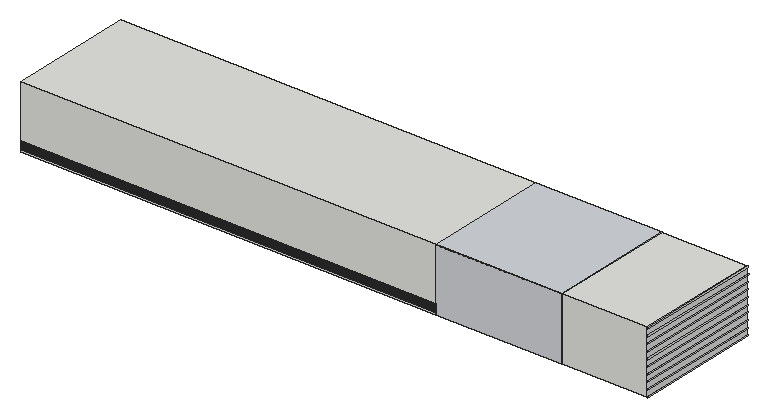
Revit family "НЕВАТОМ_Завеса, Версия 1", category Оборудование, Revit 2017
Family settings
  Размер круглого соединителя = Использовать диаметр
  Тип детали = Нормальный
  На основе рабочей плоскости = Да
  Всегда вертикально = Нет
  При загрузке вырезать с полостями = Нет
  Общий = Нет
  Точка расчета площади = Нет
Parameters (values of type "Завеса PVZ")
  Default Elevation = 1219.2 mm
  Наименование = "НЕВАТОМ_Завеса_Наименование"  # constant formula
  Габариты = "НЕВАТОМ_Завеса_Габариты"  # constant formula
  B = size_lookup(Габариты, "B", 300 mm, ADSK_Расход воздуха)  # 300 mm
  А [instance] = size_lookup(Габариты, "A", 600 mm, ADSK_Расход воздуха)  # 600 mm
  l = size_lookup(Габариты, "l", 600 mm, ADSK_Расход воздуха)  # 600 mm
  b = size_lookup(Габариты, "b", 300 mm, ADSK_Расход воздуха)  # 300 mm
  a = size_lookup(Габариты, "a", 600 mm, ADSK_Расход воздуха)  # 600 mm
  L2 = size_lookup(Габариты, "L2", 1010 mm, ADSK_Расход воздуха)  # 1010 mm
  L1 [instance] = 3000 mm - L2  # 1990 mm
  ADSK_Расход воздуха = 982.0 m³/h
  ADSK_Примечание = ""
  ADSK_Наименование = size_lookup(Наименование, "", "Завеса PVZ-1-600*300-3", ADSK_Расход воздуха)  # "Завеса PVZ-1-600*300-3"
  ADSK_Материал обозначение = "материал корпуса"
  ADSK_Масса = size_lookup(Габариты, "ADSK_Масса", 85.825, ADSK_Расход воздуха)  # 85.825
  ADSK_Марка = ADSK_Наименование  # "Завеса PVZ-1-600*300-3"
  ADSK_Код изделия = ""
  ADSK_Завод-изготовитель = "Nevatom"
  ADSK_Единица измерения = "шт."
Reference planes
  plane 1 "По центру (Вперед/Назад)": y = 0
  plane 2: z = 0
  plane 3 "По центру (Влево/Вправо)": x = 0
  plane 4: y = 300
  plane 5: y = -300
  plane 6: y = 300
  plane 7: y = -300
  plane 8: z = 150
  plane 9: z = -150
  plane 10: z = -150
  plane 11: z = 150
  plane 12: x = -1990
  plane 13: x = 600
  plane 14: x = 1010
Forms (mm)
  Extrusion 1, solid
    sketch origin (0, 0, 0) x (0, 1, 0) y (0, 0, 1)
      loop
        line (300, 150) -> (-300, 150) -> (-300, -150) -> (300, -150) -> (300, 150)
    from 0 to 600
  Extrusion 2, solid, material "Сталь ASTM A441"
    sketch origin (0, 0, 0) x (0, 1, 0) y (0, 0, 1)
      loop
        line (300, 150) -> (-300, 150) -> (-300, -150) -> (300, -150) -> (300, 150)
    from -1990 to 1010
Dimensions and locks
  "L1": plane 12 to plane 3 "По центру (Влево/Вправо)"
  "L2": plane 3 "По центру (Влево/Вправо)" to plane 14
  equal spacing: plane 4, plane 1 "По центру (Вперед/Назад)", plane 5
  "a": plane 4 to plane 5
  equal spacing: plane 11, level, plane 10
  "b": plane 11 to plane 10
  equal spacing: plane 6, plane 1 "По центру (Вперед/Назад)", plane 7
  equal spacing: plane 8, level, plane 9
  "B": plane 8 to plane 9
  "А": plane 6 to plane 7
  "L1": plane 3 "По центру (Влево/Вправо)" to plane 12
  "L2": plane 14 to plane 3 "По центру (Влево/Вправо)"
  "l": plane 13 to plane 3 "По центру (Влево/Вправо)"
  "l": plane 3 "По центру (Влево/Вправо)" to plane 13
  equal spacing: group 2, group 10, group 9, group 8, group 7, group 6, group 5, group 4, group 3, group 1
  equal spacing: group 3, group 10, group 2, group 9, group 8, group 7, group 6, group 5, group 4, group 1
  equal spacing: group 1, group 3, group 4, group 5, group 6, group 7, group 8, group 9, group 10, group 2
  equal spacing: group 12, group 20, group 19, group 18, group 17, group 16, group 15, group 14, group 13, group 11
  equal spacing: group 11, group 13, group 14, group 15, group 16, group 17, group 18, group 19, group 20, group 12  (x2)
  equal spacing: group 20, group 22, group 23, group 24, group 25, group 26, group 27, group 28, group 29, group 30, group 31, group 32, group 33, group 34, group 35, group 36, group 37, group 38, group 39, group 21  (x3)
  aligned and locked: level to plane 2
  aligned and locked: plane 5 to Extrusion 1 sketch curve
  aligned and locked: Extrusion 1 sketch curve to plane 4
  aligned and locked: Extrusion 1 to plane 3 "По центру (Влево/Вправо)"
  aligned and locked: plane 13 to Extrusion 1
  aligned and locked: plane 4 to Extrusion 1
  aligned and locked: Extrusion 1 to plane 5
  aligned and locked: Extrusion 1 to plane 10  (x2)
  aligned and locked: Extrusion 2 to plane 7
  aligned and locked: Extrusion 2 to plane 9
  aligned and locked: plane 8 to Extrusion 2
  aligned and locked: plane 11 to Extrusion 1
  aligned and locked: Extrusion 2 to plane 12
  aligned and locked: plane 14 to Extrusion 2
  aligned and locked: nested 1 to plane 7
  aligned and locked: plane 6 to nested 1
  aligned and locked: nested 1 to plane 10
  aligned and locked: nested 2 to plane 7
  aligned and locked: nested 10 to plane 7
  aligned and locked: nested 3 to plane 7
  aligned and locked: plane 11 to nested 2
  aligned and locked: nested 2 to plane 14
  aligned and locked: nested 10 to plane 14
  aligned and locked: nested 11 to plane 7
  aligned and locked: nested 11 to plane 12
  aligned and locked: plane 3 "По центру (Влево/Вправо)" to nested 11
  aligned and locked: nested 13 to plane 12
  aligned and locked: nested 13 to plane 7
  aligned and locked: nested 12 to plane 10
  aligned and locked: nested 11 to plane 10
  aligned and locked: plane 3 "По центру (Влево/Вправо)" to nested 22
  aligned and locked: plane 3 "По центру (Влево/Вправо)" to nested 23
  aligned and locked: nested 22 to plane 12
  aligned and locked: nested 22 to plane 7
Automatic sketch dimensions
  Extrusion 1 sketch curve to plane 11 = 0 mm
  plane 10 to Extrusion 1 sketch curve = 0 mm
  plane 11 to Extrusion 2 sketch curve = 0 mm
  Extrusion 2 sketch curve to plane 9 = 0 mm
  Extrusion 2 sketch curve to plane 6 = 0 mm
  plane 7 to Extrusion 2 sketch curve = 0 mm
Nested families
  nested 1: "НЕВАТОМ_Решетка горизонт, версия 1" at (1010, 0, -147.5) x (0, -1, 0) z (0, 0, 1), толщина решетки <- "А", type "НЕВАТОМ_Решетка горизонт, версия 1"
    with ширина решетки 5 mm, толщина решетки 600 mm
  nested 2: "НЕВАТОМ_Решетка горизонт, версия 1" at (1010, 0, 147.5) x (0, -1, 0) z (0, 0, 1), толщина решетки <- "А", type "НЕВАТОМ_Решетка горизонт, версия 1"
    with ширина решетки 5 mm, толщина решетки 600 mm
  nested 3: "НЕВАТОМ_Решетка горизонт, версия 1" at (1010, 0, -114.722) x (0, -1, 0) z (0, 0, 1), толщина решетки <- "А", type "НЕВАТОМ_Решетка горизонт, версия 1"
    with ширина решетки 5 mm, толщина решетки 600 mm
  nested 4: "НЕВАТОМ_Решетка горизонт, версия 1" at (1010, 0, -81.944) x (0, -1, 0) z (0, 0, 1), толщина решетки <- "А", type "НЕВАТОМ_Решетка горизонт, версия 1"
    with ширина решетки 5 mm, толщина решетки 600 mm
  nested 5: "НЕВАТОМ_Решетка горизонт, версия 1" at (1010, 0, -49.167) x (0, -1, 0) z (0, 0, 1), толщина решетки <- "А", type "НЕВАТОМ_Решетка горизонт, версия 1"
    with ширина решетки 5 mm, толщина решетки 600 mm
  nested 6: "НЕВАТОМ_Решетка горизонт, версия 1" at (1010, 0, -16.389) x (0, -1, 0) z (0, 0, 1), толщина решетки <- "А", type "НЕВАТОМ_Решетка горизонт, версия 1"
    with ширина решетки 5 mm, толщина решетки 600 mm
  nested 7: "НЕВАТОМ_Решетка горизонт, версия 1" at (1010, 0, 16.389) x (0, -1, 0) z (0, 0, 1), толщина решетки <- "А", type "НЕВАТОМ_Решетка горизонт, версия 1"
    with ширина решетки 5 mm, толщина решетки 600 mm
  nested 8: "НЕВАТОМ_Решетка горизонт, версия 1" at (1010, 0, 49.167) x (0, -1, 0) z (0, 0, 1), толщина решетки <- "А", type "НЕВАТОМ_Решетка горизонт, версия 1"
    with ширина решетки 5 mm, толщина решетки 600 mm
  nested 9: "НЕВАТОМ_Решетка горизонт, версия 1" at (1010, 0, 81.944) x (0, -1, 0) z (0, 0, 1), толщина решетки <- "А", type "НЕВАТОМ_Решетка горизонт, версия 1"
    with ширина решетки 5 mm, толщина решетки 600 mm
  nested 10: "НЕВАТОМ_Решетка горизонт, версия 1" at (1010, 0, 114.722) x (0, -1, 0) z (0, 0, 1), толщина решетки <- "А", type "НЕВАТОМ_Решетка горизонт, версия 1"
    with ширина решетки 5 mm, толщина решетки 600 mm
  nested 11: "НЕВАТОМ_Решетка горизонт, версия 1" at (-995, -300, -147.5), толщина решетки <- "L1", type "НЕВАТОМ_Решетка горизонт, версия 1"
    with ширина решетки 5 mm, толщина решетки 1990 mm
  nested 12: "НЕВАТОМ_Решетка горизонт, версия 1" at (-995, -300, -147.5), толщина решетки <- "L1", type "НЕВАТОМ_Решетка горизонт, версия 1"
    with ширина решетки 5 mm, толщина решетки 1990 mm
  nested 13: "НЕВАТОМ_Решетка горизонт, версия 1" at (-995, -300, -147.5), толщина решетки <- "L1", type "НЕВАТОМ_Решетка горизонт, версия 1"
    with ширина решетки 5 mm, толщина решетки 1990 mm
  nested 14: "НЕВАТОМ_Решетка горизонт, версия 1" at (-995, -300, -147.5), толщина решетки <- "L1", type "НЕВАТОМ_Решетка горизонт, версия 1"
    with ширина решетки 5 mm, толщина решетки 1990 mm
  nested 15: "НЕВАТОМ_Решетка горизонт, версия 1" at (-995, -300, -147.5), толщина решетки <- "L1", type "НЕВАТОМ_Решетка горизонт, версия 1"
    with ширина решетки 5 mm, толщина решетки 1990 mm
  nested 16: "НЕВАТОМ_Решетка горизонт, версия 1" at (-995, -300, -147.5), толщина решетки <- "L1", type "НЕВАТОМ_Решетка горизонт, версия 1"
    with ширина решетки 5 mm, толщина решетки 1990 mm
  nested 17: "НЕВАТОМ_Решетка горизонт, версия 1" at (-995, -300, -147.5), толщина решетки <- "L1", type "НЕВАТОМ_Решетка горизонт, версия 1"
    with ширина решетки 5 mm, толщина решетки 1990 mm
  nested 18: "НЕВАТОМ_Решетка горизонт, версия 1" at (-995, -300, -147.5), толщина решетки <- "L1", type "НЕВАТОМ_Решетка горизонт, версия 1"
    with ширина решетки 5 mm, толщина решетки 1990 mm
  nested 19: "НЕВАТОМ_Решетка горизонт, версия 1" at (-995, -300, -147.5), толщина решетки <- "L1", type "НЕВАТОМ_Решетка горизонт, версия 1"
    with ширина решетки 5 mm, толщина решетки 1990 mm
  nested 20: "НЕВАТОМ_Решетка горизонт, версия 1" at (-995, -300, -147.5), толщина решетки <- "L1", type "НЕВАТОМ_Решетка горизонт, версия 1"
    with ширина решетки 5 mm, толщина решетки 1990 mm
  nested 21: "НЕВАТОМ_Решетка горизонт, версия 1" at (-995, -300, -107.5), толщина решетки <- "L1", type "НЕВАТОМ_Решетка горизонт, версия 1"
    with ширина решетки 5 mm, толщина решетки 1990 mm
  nested 22: "НЕВАТОМ_Решетка горизонт, версия 1" at (-995, -300, -145.395), толщина решетки <- "L1", type "НЕВАТОМ_Решетка горизонт, версия 1"
    with ширина решетки 5 mm, толщина решетки 1990 mm
  nested 23: "НЕВАТОМ_Решетка горизонт, версия 1" at (-995, -300, -143.289), толщина решетки <- "L1", type "НЕВАТОМ_Решетка горизонт, версия 1"
    with ширина решетки 5 mm, толщина решетки 1990 mm
  nested 24: "НЕВАТОМ_Решетка горизонт, версия 1" at (-995, -300, -141.184), толщина решетки <- "L1", type "НЕВАТОМ_Решетка горизонт, версия 1"
    with ширина решетки 5 mm, толщина решетки 1990 mm
  nested 25: "НЕВАТОМ_Решетка горизонт, версия 1" at (-995, -300, -139.079), толщина решетки <- "L1", type "НЕВАТОМ_Решетка горизонт, версия 1"
    with ширина решетки 5 mm, толщина решетки 1990 mm
  nested 26: "НЕВАТОМ_Решетка горизонт, версия 1" at (-995, -300, -136.974), толщина решетки <- "L1", type "НЕВАТОМ_Решетка горизонт, версия 1"
    with ширина решетки 5 mm, толщина решетки 1990 mm
  nested 27: "НЕВАТОМ_Решетка горизонт, версия 1" at (-995, -300, -134.868), толщина решетки <- "L1", type "НЕВАТОМ_Решетка горизонт, версия 1"
    with ширина решетки 5 mm, толщина решетки 1990 mm
  nested 28: "НЕВАТОМ_Решетка горизонт, версия 1" at (-995, -300, -132.763), толщина решетки <- "L1", type "НЕВАТОМ_Решетка горизонт, версия 1"
    with ширина решетки 5 mm, толщина решетки 1990 mm
  nested 29: "НЕВАТОМ_Решетка горизонт, версия 1" at (-995, -300, -130.658), толщина решетки <- "L1", type "НЕВАТОМ_Решетка горизонт, версия 1"
    with ширина решетки 5 mm, толщина решетки 1990 mm
  nested 30: "НЕВАТОМ_Решетка горизонт, версия 1" at (-995, -300, -128.553), толщина решетки <- "L1", type "НЕВАТОМ_Решетка горизонт, версия 1"
    with ширина решетки 5 mm, толщина решетки 1990 mm
  nested 31: "НЕВАТОМ_Решетка горизонт, версия 1" at (-995, -300, -126.447), толщина решетки <- "L1", type "НЕВАТОМ_Решетка горизонт, версия 1"
    with ширина решетки 5 mm, толщина решетки 1990 mm
  nested 32: "НЕВАТОМ_Решетка горизонт, версия 1" at (-995, -300, -124.342), толщина решетки <- "L1", type "НЕВАТОМ_Решетка горизонт, версия 1"
    with ширина решетки 5 mm, толщина решетки 1990 mm
  nested 33: "НЕВАТОМ_Решетка горизонт, версия 1" at (-995, -300, -122.237), толщина решетки <- "L1", type "НЕВАТОМ_Решетка горизонт, версия 1"
    with ширина решетки 5 mm, толщина решетки 1990 mm
  nested 34: "НЕВАТОМ_Решетка горизонт, версия 1" at (-995, -300, -120.132), толщина решетки <- "L1", type "НЕВАТОМ_Решетка горизонт, версия 1"
    with ширина решетки 5 mm, толщина решетки 1990 mm
  nested 35: "НЕВАТОМ_Решетка горизонт, версия 1" at (-995, -300, -118.026), толщина решетки <- "L1", type "НЕВАТОМ_Решетка горизонт, версия 1"
    with ширина решетки 5 mm, толщина решетки 1990 mm
  nested 36: "НЕВАТОМ_Решетка горизонт, версия 1" at (-995, -300, -115.921), толщина решетки <- "L1", type "НЕВАТОМ_Решетка горизонт, версия 1"
    with ширина решетки 5 mm, толщина решетки 1990 mm
  nested 37: "НЕВАТОМ_Решетка горизонт, версия 1" at (-995, -300, -113.816), толщина решетки <- "L1", type "НЕВАТОМ_Решетка горизонт, версия 1"
    with ширина решетки 5 mm, толщина решетки 1990 mm
  nested 38: "НЕВАТОМ_Решетка горизонт, версия 1" at (-995, -300, -111.711), толщина решетки <- "L1", type "НЕВАТОМ_Решетка горизонт, версия 1"
    with ширина решетки 5 mm, толщина решетки 1990 mm
  nested 39: "НЕВАТОМ_Решетка горизонт, версия 1" at (-995, -300, -109.605), толщина решетки <- "L1", type "НЕВАТОМ_Решетка горизонт, версия 1"
    with ширина решетки 5 mm, толщина решетки 1990 mm
Connectors
  electrical at (-1990, 0, 0)
    settings: on Extrusion 2, index 1, voltage 0 V, apparent load 0 VA, apparent load phase1 0 VA, apparent load phase2 0 VA, apparent load phase3 0 VA, power factor 1, load classification "Прочее", number of poles 1, system type 31, power factor state 1, is connector primary yes, connector utility no, sub classification motor no, connector description ""
Definition of nested family "НЕВАТОМ_Решетка горизонт, версия 1"
  Parameters (values of type "НЕВАТОМ_Решетка горизонт, версия 1")
    ширина решетки [instance] = 5 mm
    толщина решетки [instance] = 140 mm
    длина решетки = 5 mm
  Reference planes
    plane 1 "По центру (Вперед/Назад)": y = 0
    plane 2: z = 0
    plane 3 "По центру (Влево/Вправо)": x = 0
    plane 4: x = -70
    plane 5: x = 70
    plane 6: z = 2.5
    plane 7: z = -2.5
    plane 8: y = 5
  Forms (mm)
    Extrusion 1, solid
      sketch origin (0, 0, 0) x (1, 0, 0) y (0, 0, 1)
        loop
          line (-70, 2.5) -> (-70, -2.5) -> (70, -2.5) -> (70, 2.5) -> (-70, 2.5)
      from 0 to -5
  Dimensions and locks
    equal spacing: plane 5, plane 3 "По центру (Влево/Вправо)", plane 4
    equal spacing: plane 6, level, plane 7
    "длина решетки": plane 6 to plane 7
    "толщина решетки": plane 5 to plane 4
    "ширина решетки": plane 1 "По центру (Вперед/Назад)" to plane 8
    aligned and locked: level to plane 2
    aligned and locked: Extrusion 1 sketch curve to plane 6
    aligned and locked: plane 7 to Extrusion 1 sketch curve
    aligned and locked: plane 4 to Extrusion 1 sketch curve
    aligned and locked: Extrusion 1 sketch curve to plane 5
    aligned and locked: plane 8 to Extrusion 1
